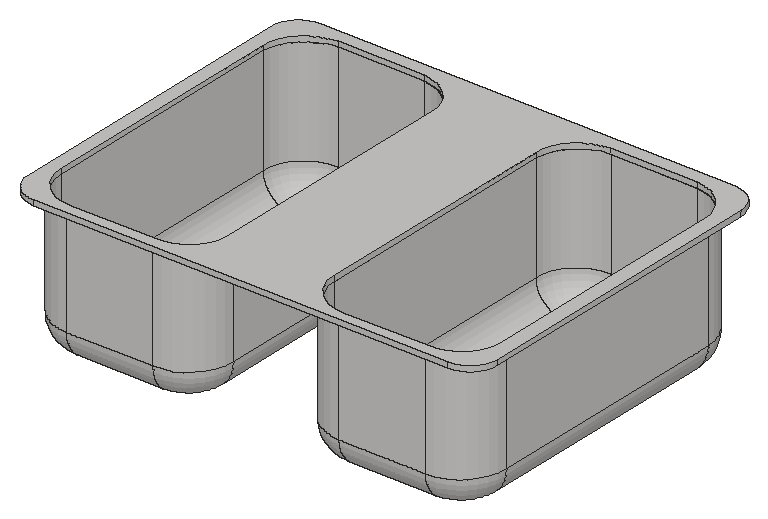
Revit family "QF_Vollrath_12065-2", category Specialty Equipment, Revit 2016
Family settings
  Part Type = Normal
  Round Connector Dimension = Use Diameter
  OmniClass Number = 23.40.40.14.31
  OmniClass Title = Cleaning and Disposal Equipment
  Work Plane-Based = Yes
  Always vertical = Yes
  Cut with Voids When Loaded = No
  Shared = No
  Room Calculation Point = No
Parameters
  Width = 1' - 5"
  Weight in Pounds = 0
  Watermarked By = "http://revitwatermark.com"
  URL Cutsheet = ""
  Status [instance] = ""
  Specification by User [instance] = ""
  Specification by Manufacturer [instance] = ""
  Sink Width = 1' - 0"
  Sink Depth = 1' - 0 1/8"
  Sink Basin Depth = 0' - 5"
  Serial Number [instance] = ""
  Seismic Rating [instance] = ""
  SMACNA No [instance] = ""
  Revision Code [instance] = ""
  NAFEM Spec ID Number [instance] = ""
  Model = "12065-2"
  Masterspec [instance] = ""
  Manufacturer = "Vollrath"
  Item Number [instance] = "-"
  Installed By [instance] = ""
  Indirect Waste Size = 2"
  Indirect Waste Flow [instance] = 0.00 GPM
  Indirect Waste Connection Type [instance] = ""
  Indirect Waste Connection Height [instance] = 0' - 0"
  Furnished By [instance] = ""
  Foodservice Equipment Identifier [instance] = yes
  Description = "Bar Sink"  # constant formula
  Depth = 1' - 1"
  Default Elevation = 4' - 0"
  CSI MasterFormat = ""
  Assembly Code = ""
Reference planes (in)
  plane 1 "BACK": y = 0
  plane 2 "BOTTOM": z = 0
  plane 3 "LEFT": x = 0
  plane 4 "RIGHT": x = 17
  plane 5 "FRONT": y = -13
  plane 6: x = 8.5
  plane 7: y = -6.5625
  plane 8: y = -0.5
  plane 9: y = -12.625
  plane 10: x = 0.5
  plane 11 "Sink Bottom": z = -5
  plane 12: x = 16.5
  plane 13: x = 6.625
  plane 14: x = 10.375
  plane 15: x = 3.5625
  plane 16: x = 13.4375
Forms (in)
  Extrusion 1, solid, material "QF_Finishes_Stainless Steel"
    sketch origin (0, 0, 0) x (1, 0, 0) y (0, 1, 0)
      loop
        arc (1, 0) -> (0.29289, -0.29289) -> (0, -1) r 1
        line (0, -1) -> (0, -12)
        arc (0, -12) -> (0.29289, -12.70711) -> (1, -13) r 1
        line (1, -13) -> (16, -13)
        arc (16, -13) -> (16.70711, -12.70711) -> (17, -12) r 1
        line (17, -12) -> (17, -1)
        arc (17, -1) -> (16.70711, -0.29289) -> (16, 0) r 1
        line (16, 0) -> (1, 0)
      loop
        arc (2, -0.5) -> (0.93934, -0.93934) -> (0.5, -2) r 1.5
        line (0.5, -2) -> (0.5, -11.125)
        arc (0.5, -11.125) -> (0.93934, -12.18566) -> (2, -12.625) r 1.5
        line (2, -12.625) -> (5.125, -12.625)
        arc (5.125, -12.625) -> (6.18566, -12.18566) -> (6.625, -11.125) r 1.5
        line (6.625, -11.125) -> (6.625, -2)
        arc (6.625, -2) -> (6.18566, -0.93934) -> (5.125, -0.5) r 1.5
        line (5.125, -0.5) -> (2, -0.5)
      loop
        arc (11.875, -0.5) -> (10.81434, -0.93934) -> (10.375, -2) r 1.5
        line (10.375, -2) -> (10.375, -11.125)
        arc (10.375, -11.125) -> (10.81434, -12.18566) -> (11.875, -12.625) r 1.5
        line (11.875, -12.625) -> (15, -12.625)
        arc (15, -12.625) -> (16.06066, -12.18566) -> (16.5, -11.125) r 1.5
        line (16.5, -11.125) -> (16.5, -2)
        arc (16.5, -2) -> (16.06066, -0.93934) -> (15, -0.5) r 1.5
        line (15, -0.5) -> (11.875, -0.5)
    from 0 to 0.1875
  Sweep 2, solid, material "QF_Finishes_Stainless Steel"
    path in 3D
      loop
        arc (5.125, -0.5, 0.1875) -> (6.18566, -0.93934, 0.1875) -> (6.625, -2, 0.1875) r 1.5
        line (6.625, -2, 0.1875) -> (6.625, -11.125, 0.1875)
        arc (6.625, -11.125, 0.1875) -> (6.18566, -12.18566, 0.1875) -> (5.125, -12.625, 0.1875) r 1.5
        line (5.125, -12.625, 0.1875) -> (2, -12.625, 0.1875)
        arc (2, -12.625, 0.1875) -> (0.93934, -12.18566, 0.1875) -> (0.5, -11.125, 0.1875) r 1.5
        line (0.5, -11.125, 0.1875) -> (0.5, -2, 0.1875)
        arc (0.5, -2, 0.1875) -> (0.93934, -0.93934, 0.1875) -> (2, -0.5, 0.1875) r 1.5
        line (2, -0.5, 0.1875) -> (5.125, -0.5, 0.1875)
    profile origin (3.5625, -0.5, 0.1875) x (0, 1, 0) y (0, 0, 1)
      loop
        line (0.125, -0.1875) -> (0, -0.1875) -> (0, -4.0625)
        arc (0, -4.0625) -> (-0.29289, -4.76961) -> (-1, -5.0625) r 1
        line (-1, -5.0625) -> (-1, -5.1875)
        arc (-1, -5.1875) -> (-0.2045, -4.858) -> (0.125, -4.0625) r 1.125
        line (0.125, -4.0625) -> (0.125, -0.1875)
  Sweep 3, solid, material "QF_Finishes_Stainless Steel"
    path in 3D
      loop
        arc (15, -0.5, 0.1875) -> (16.06066, -0.93934, 0.1875) -> (16.5, -2, 0.1875) r 1.5
        line (16.5, -2, 0.1875) -> (16.5, -11.125, 0.1875)
        arc (16.5, -11.125, 0.1875) -> (16.06066, -12.18566, 0.1875) -> (15, -12.625, 0.1875) r 1.5
        line (15, -12.625, 0.1875) -> (11.875, -12.625, 0.1875)
        arc (11.875, -12.625, 0.1875) -> (10.81434, -12.18566, 0.1875) -> (10.375, -11.125, 0.1875) r 1.5
        line (10.375, -11.125, 0.1875) -> (10.375, -2, 0.1875)
        arc (10.375, -2, 0.1875) -> (10.81434, -0.93934, 0.1875) -> (11.875, -0.5, 0.1875) r 1.5
        line (11.875, -0.5, 0.1875) -> (15, -0.5, 0.1875)
    profile origin (13.4375, -0.5, 0.1875) x (0, 1, 0) y (0, 0, 1)
      loop
        line (0.13388, -0.1875) -> (0.00888, -0.1875) -> (0.00888, -4.0625)
        arc (0.00888, -4.0625) -> (-0.28401, -4.76961) -> (-0.99112, -5.0625) r 1
        line (-0.99112, -5.0625) -> (-0.99112, -5.1875)
        arc (-0.99112, -5.1875) -> (-0.19562, -4.858) -> (0.13388, -4.0625) r 1.125
        line (0.13388, -4.0625) -> (0.13388, -0.1875)
  Extrusion 4, solid, material "QF_Finishes_Stainless Steel"
    sketch origin (0, 0, -5) x (-1, 0, 0) y (0, -1, 0)
      loop
        line (-5.125, 1.5) -> (-2, 1.5)
        arc (-2, 1.5) -> (-1.64645, 1.64645) -> (-1.5, 2) r 0.5
        line (-1.5, 2) -> (-1.5, 11.125)
        arc (-1.5, 11.125) -> (-1.64645, 11.47855) -> (-2, 11.625) r 0.5
        line (-2, 11.625) -> (-5.125, 11.625)
        arc (-5.125, 11.625) -> (-5.47855, 11.47855) -> (-5.625, 11.125) r 0.5
        line (-5.625, 11.125) -> (-5.625, 2)
        arc (-5.625, 2) -> (-5.47855, 1.64645) -> (-5.125, 1.5) r 0.5
      loop
        line (-15, 1.49112) -> (-11.875, 1.49112)
        arc (-11.875, 1.49112) -> (-11.51517, 1.64017) -> (-11.36612, 2) r 0.50888
        line (-11.36612, 2) -> (-11.36612, 11.125)
        arc (-11.36612, 11.125) -> (-11.51517, 11.48483) -> (-11.875, 11.63388) r 0.50888
        line (-11.875, 11.63388) -> (-15, 11.63388)
        arc (-15, 11.63388) -> (-15.35983, 11.48483) -> (-15.50888, 11.125) r 0.50888
        line (-15.50888, 11.125) -> (-15.50888, 2)
        arc (-15.50888, 2) -> (-15.35983, 1.64017) -> (-15, 1.49112) r 0.50888
      loop
        circle (-3.5625, 6.5625) r 1
      loop
        circle (-13.4375, 6.5625) r 1
    from 0 to 0.125
Lines and regions (in)
  sketch lines
    curve 1: line (2, -0.5, 0.1875) -> (5.125, -0.5, 0.1875)
    curve 2: arc (2, -0.5, 0.1875) -> (0.93934, -0.93934, 0.1875) -> (0.5, -2, 0.1875) r 1.5
    curve 3: line (0.5, -11.125, 0.1875) -> (0.5, -2, 0.1875)
    curve 4: arc (0.5, -11.125, 0.1875) -> (0.93934, -12.18566, 0.1875) -> (2, -12.625, 0.1875) r 1.5
    curve 5: line (5.125, -12.625, 0.1875) -> (2, -12.625, 0.1875)
    curve 6: arc (5.125, -12.625, 0.1875) -> (6.18566, -12.18566, 0.1875) -> (6.625, -11.125, 0.1875) r 1.5
    curve 7: line (6.625, -2, 0.1875) -> (6.625, -11.125, 0.1875)
    curve 8: arc (6.625, -2, 0.1875) -> (6.18566, -0.93934, 0.1875) -> (5.125, -0.5, 0.1875) r 1.5
    curve 9: line (11.875, -0.5, 0.1875) -> (15, -0.5, 0.1875)
    curve 10: arc (11.875, -0.5, 0.1875) -> (10.81434, -0.93934, 0.1875) -> (10.375, -2, 0.1875) r 1.5
    curve 11: line (10.375, -11.125, 0.1875) -> (10.375, -2, 0.1875)
    curve 12: arc (10.375, -11.125, 0.1875) -> (10.81434, -12.18566, 0.1875) -> (11.875, -12.625, 0.1875) r 1.5
    curve 13: line (15, -12.625, 0.1875) -> (11.875, -12.625, 0.1875)
    curve 14: arc (15, -12.625, 0.1875) -> (16.06066, -12.18566, 0.1875) -> (16.5, -11.125, 0.1875) r 1.5
    curve 15: line (16.5, -2, 0.1875) -> (16.5, -11.125, 0.1875)
    curve 16: arc (16.5, -2, 0.1875) -> (16.06066, -0.93934, 0.1875) -> (15, -0.5, 0.1875) r 1.5
  symbolic lines
    curve 17: line (1, 0, -5) -> (16, 0, -5)
    curve 18: arc (1, 0, -5) -> (0.29289, -0.29289, -5) -> (0, -1, -5) r 1
    curve 19: line (0, -12, -5) -> (0, -1, -5)
    curve 20: arc (0, -12, -5) -> (0.29289, -12.70711, -5) -> (1, -13, -5) r 1
    curve 21: line (16, -13, -5) -> (1, -13, -5)
    curve 22: arc (16, -13, -5) -> (16.70711, -12.70711, -5) -> (17, -12, -5) r 1
    curve 23: line (17, -1, -5) -> (17, -12, -5)
    curve 24: arc (17, -1, -5) -> (16.70711, -0.29289, -5) -> (16, 0, -5) r 1
  symbolic lines, style "QF_Surface Details"
    curve 25: line (5.125, -0.5, -5) -> (2, -0.5, -5)
    curve 26: arc (0.5, -2, -5) -> (0.93934, -0.93934, -5) -> (2, -0.5, -5) r 1.5
    curve 27: line (0.5, -2, -5) -> (0.5, -11.125, -5)
    curve 28: arc (2, -12.625, -5) -> (0.93934, -12.18566, -5) -> (0.5, -11.125, -5) r 1.5
    curve 29: line (2, -12.625, -5) -> (5.125, -12.625, -5)
    curve 30: arc (6.625, -11.125, -5) -> (6.18566, -12.18566, -5) -> (5.125, -12.625, -5) r 1.5
    curve 31: line (6.625, -11.125, -5) -> (6.625, -2, -5)
    curve 32: arc (5.125, -0.5, -5) -> (6.18566, -0.93934, -5) -> (6.625, -2, -5) r 1.5
    curve 33: arc (10.38799, -1.9934, -5) -> (10.82608, -0.93575, -5) -> (11.88373, -0.49766, -5) r 1.49574
    curve 34: line (14.91866, -0.49766, -5) -> (11.88373, -0.49766, -5)
    curve 35: line (10.38799, -1.9934, -5) -> (10.38799, -11.09567, -5)
    curve 36: arc (11.85977, -12.56745, -5) -> (10.81907, -12.13637, -5) -> (10.38799, -11.09567, -5) r 1.47178
    curve 37: line (11.85977, -12.56745, -5) -> (15.16468, -12.56745, -5)
    curve 38: line (16.47603, -11.04325, -5) -> (16.47603, -2.05503, -5)
    curve 39: arc (16.47603, -11.04325, -5) -> (16.0376, -12.10172, -5) -> (14.97914, -12.54015, -5) r 1.4969
    curve 40: arc (14.91866, -0.49766, -5) -> (16.01989, -0.95381, -5) -> (16.47603, -2.05503, -5) r 1.55737
    curve 41: circle (13.4375, -6.5625, -5) r 1 normal (0, 0, -1)
    curve 42: circle (3.5625, -6.5625, -5) r 1 normal (0, 0, -1)
Dimensions and locks (in)
  "Width": plane 3 "LEFT" to plane 4 "RIGHT"
  "Depth": plane 5 "FRONT" to plane 1 "BACK"
  "Sink Depth": plane 8 to plane 9
  equal spacing: plane 3 "LEFT", plane 6, plane 4 "RIGHT"
  "Sink Basin Depth": level to plane 11 "Sink Bottom"
  equal spacing: plane 8, plane 7, plane 9
  plane 1 "BACK" to plane 8 = 0' - 0 1/2"
  plane 9 to plane 5 "FRONT" = 0' - 0 3/8"
  plane 3 "LEFT" to plane 10 = 0' - 0 1/2"
  plane 12 to plane 4 "RIGHT" = 0' - 0 1/2"
  plane 10 to plane 12 = 1' - 4"
  plane 10 to plane 13 = 0' - 6 1/8"  (x2)
  plane 14 to plane 12 = 0' - 6 1/8"  (x2)
  equal spacing: plane 10, plane 15, plane 13
  equal spacing: plane 14, plane 16, plane 12
  plane 13 to plane 14 = 0' - 3 3/4"
  aligned and locked: level to plane 2 "BOTTOM"
  aligned and locked: plane 1 "BACK" to Extrusion 1 sketch curve
  aligned and locked: plane 3 "LEFT" to Extrusion 1 sketch curve
  aligned and locked: Extrusion 1 sketch curve to plane 5 "FRONT"
  aligned and locked: Extrusion 1 sketch curve to plane 4 "RIGHT"
  aligned and locked: Extrusion 1 sketch curve to plane 8  (x2)
  aligned and locked: plane 10 to Extrusion 1 sketch curve
  aligned and locked: plane 9 to Extrusion 1 sketch curve  (x2)
  aligned and locked: Extrusion 1 sketch curve to plane 13
  aligned and locked: plane 14 to Extrusion 1 sketch curve
  aligned and locked: Extrusion 1 sketch curve to plane 12
  aligned and locked: Extrusion 4 sketch curve to Sweep 2  (x4)
  aligned and locked: Extrusion 4 sketch curve to Sweep 3  (x4)
Automatic sketch dimensions
  Extrusion 1 sketch curve to plane 8 = 0' - 0 1/2"
  Extrusion 1 sketch curve to Extrusion 1 sketch curve = 0' - 1"  (x2)
  plane 9 to Extrusion 1 sketch curve = 0' - 1 1/2"
  Extrusion 1 sketch curve to plane 13 = 0' - 1 1/2"
  plane 14 to Extrusion 1 sketch curve = 0' - 1 1/2"  (x2)
  Extrusion 1 sketch curve to plane 12 = 0' - 1 1/2"  (x2)
  Extrusion 1 sketch curve to plane 12 = 0' - 0 1/2"  (x2)
  plane 10 to Extrusion 1 sketch curve = 0' - 0 1/2"
  Sweep 2 sketch curve to Sweep 2 sketch curve = 0' - 0"  (x2)
  Sweep 2 sketch curve to profile plane = 0' - 0"
  profile plane to Sweep 2 sketch curve = 0' - 1"
  Sweep 2 sketch curve to profile plane = 0' - 0 1/8"
  Sweep 2 sketch curve to profile plane = 0' - 0 3/16"
  Sweep 2 sketch curve to profile plane = 0' - 4 1/16"
  Sweep 3 sketch curve to Sweep 3 sketch curve = 0' - 0"  (x3)
  Sweep 3 sketch curve to profile plane = 0' - 0.00888"
  Sweep 3 sketch curve to Sweep 3 sketch curve = 0' - 0 1/8"
  Sweep 3 sketch curve to profile plane = 0' - 5 3/16"
  Sweep 3 sketch curve to profile plane = 0' - 0 3/16"
  profile plane to Sweep 3 sketch curve = 0' - 0.99112"
  Extrusion 4 sketch curve to plane 7 = 0' - 0"  (x2)
  Extrusion 4 sketch curve to plane 16 = 0' - 0"
  Extrusion 4 sketch curve to plane 15 = 0' - 0"
  Extrusion 4 sketch curve to Extrusion 4 sketch curve = 0' - 0.50888"  (x4)
  Extrusion 4 sketch curve to Extrusion 4 sketch curve = 0' - 0 1/2"  (x4)
  curve 24 to plane 4 "RIGHT" = 0' - 0"
  plane 1 "BACK" to curve 17 = 0' - 0"
  plane 5 "FRONT" to curve 21 = 0' - 0"
  curve 41 to plane 7 = 0' - 0"
  curve 41 to plane 16 = 0' - 0"
  curve 31 to plane 13 = 0' - 0"
  curve 32 to plane 8 = 0' - 0"
  curve 29 to plane 9 = 0' - 0"
  curve 42 to plane 7 = 0' - 0"
  curve 42 to plane 15 = 0' - 0"
  curve 28 to plane 10 = 0' - 0"
  curve 19 to plane 3 "LEFT" = 0' - 0"
  curve 39 to plane 12 = 0' - 0.02397"
  curve 22 to plane 12 = 0' - 0 1/2"
  curve 17 to plane 12 = 0' - 0 1/2"
  plane 9 to curve 37 = 0' - 0.05755"
  curve 21 to curve 37 = 0' - 0.83532"
  curve 22 to curve 39 = 0' - 1.02086"
  plane 16 to curve 40 = 0' - 1.48116"
  plane 8 to curve 34 = 0' - 0.00234"
  plane 14 to curve 34 = 0' - 1.50873"
  plane 14 to curve 37 = 0' - 1.48477"
  plane 14 to curve 33 = 0' - 0.01299"
  curve 32 to plane 13 = 0' - 1 1/2"
  curve 29 to plane 13 = 0' - 1 1/2"
  plane 10 to curve 29 = 0' - 1 1/2"
  plane 10 to curve 25 = 0' - 1 1/2"
  plane 10 to curve 20 = 0' - 0 1/2"
  plane 10 to curve 18 = 0' - 0 1/2"
  curve 38 to curve 22 = 0' - 0.95675"
  radius of Extrusion 4 sketch curve = 0' - 1"  (x2)
  radius of curve 41 = 0' - 1"
  radius of curve 42 = 0' - 1"
Connectors (in)
  piping at (3.5625, -6.5625, -5), diameter 2, driven by "Indirect Waste Flow"
    settings: on Extrusion 4, index 1, connector inside diameter 2", connector length 0' - 0", flow factor 0, pipe flow 0.00 GPM, pressure drop 0.00 psi, fitting loss kfactor 0, connector angle 0.00°, fixture units 0, engagement length 0' - 0", angle of deflection 0.00°, flow configuration 1, flow direction 2, fitting loss method 0, system type 16, joint type 0, gender type 0, connector reference index -1, connector utility 0, adjustable connector no, is connector primary yes, connector description "IW"
  piping at (13.4375, -6.5625, -5), diameter 2, driven by "Indirect Waste Flow"
    settings: on Extrusion 4, index 2, connector inside diameter 2", connector length 0' - 0", flow factor 0, pipe flow 0.00 GPM, pressure drop 0.00 psi, fitting loss kfactor 0, connector angle 0.00°, fixture units 0, engagement length 0' - 0", angle of deflection 0.00°, flow configuration 1, flow direction 2, fitting loss method 0, system type 16, joint type 0, gender type 0, connector reference index -1, connector utility 0, adjustable connector no, is connector primary no, connector description "IW"
